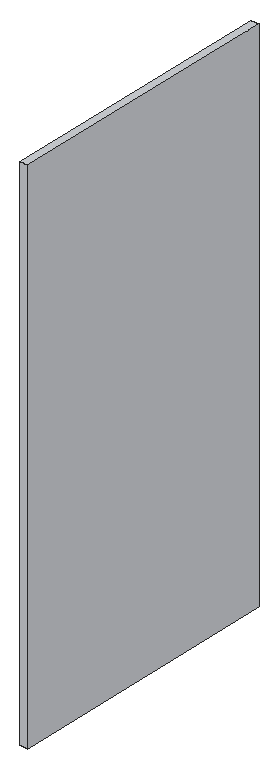
Revit family "End Panel", category Casework, Revit 2016
Family settings
  OmniClass Number = 23.40.35.00
  OmniClass Title = Casework
  Work Plane-Based = No
  Always vertical = Yes
  Cut with Voids When Loaded = No
  Shared = No
  Room Calculation Point = No
Parameters (values of type "LW116EPR")
  WarrantyGuarantorParts = "www.bisley.com"  # constant formula
  WarrantyGuarantorLabour = "www.bisley.com"  # constant formula
  WarrantyDurationUnit = "Years"  # constant formula
  WarrantyDurationParts = "5"  # constant formula
  WarrantyDurationLabour = "5"  # constant formula
  WarrantyDescription = "5 Years Parts & Labour"  # constant formula
  Uniclass2015Version = "3.1"  # constant formula
  Uniclass2015Title = "Lockers"  # constant formula
  Uniclass2015Code = "Pr_40_30_78_48"  # constant formula
  URL = "www.bisley.com"
  SustainabilityPerformance = "FSC Approved"  # constant formula
  SerialNumber = ""
  NominalWidth = Width  # 18 mm
  NominalLength = Depth  # 650 mm
  NominalHeight = Height  # 1180 mm
  Name = "End Panel"  # constant formula
  NBSReference = "45-35-80/380"  # constant formula
  NBSDescription = "General fittings, furnishings and equipment system"  # constant formula
  ModelReference = "LW116EPR"
  Model = "Abode"  # constant formula
  Material = "MFC"  # constant formula
  ManufacturerURL = "www.bisley.com"  # constant formula
  Manufacturer = "Bisley"  # constant formula
  ManufactureName = "Bisley"  # constant formula
  Finish = "Matt"  # constant formula
  DurationUnit = "Years"  # constant formula
  Depth = 650 mm
  Height = 1180 mm
  Width = 18 mm
  Carcass Material = "MFC"  # constant formula
  Author = "Bisley"  # constant formula
  AssetType = "Fixed"  # constant formula
Types (17, lengths in mm): name | NominalLength | NominalHeight | ModelReference | Depth | Height
  (no name) | 650 | 1180 | "LW116EPR" | 650 | 1180
  LW235EPL | 550 | 2300 | "LW235EPL" | 550 | 2300
  LW195EPL | 550 | 1900 | "LW195EPL" | 550 | 1900
  LW155EPL | 550 | 1540 | "LW155EPL" | 550 | 1540
  LW115EPL | 550 | 1180 | "LW115EPL" | 550 | 1180
  LW115EPR | 550 | 1180 | "LW115EPR" | 550 | 1180
  LW155EPR | 550 | 1540 | "LW155EPR" | 550 | 1540
  LW195EPR | 550 | 1900 | "LW195EPR" | 550 | 1900
  LW235EPR | 550 | 2300 | "LW235EPR" | 550 | 2300
  LW236EPL | 650 | 2300 | "LW236EPL" | 650 | 2300
  LW236EPR | 650 | 2300 | "LW236EPR" | 650 | 2300
  LW196EPL | 650 | 1900 | "LW196EPL" | 650 | 1900
  LW196EPR | 650 | 1900 | "LW196EPR" | 650 | 1900
  LW156EPL | 650 | 1540 | "LW156EPL" | 650 | 1540
  LW156EPR | 650 | 1540 | "LW156EPR" | 650 | 1540
  LW116EPL | 650 | 1180 | "LW116EPL" | 650 | 1180
  LW116EPR | 650 | 1180 | "LW116EPR" | 650 | 1180
Reference planes
  plane 1 "Back": y = 0
  plane 2: z = 0
  plane 3 "Center (Left/Right)": x = 44.7
  plane 4 "Front": y = -650
  plane 5 "Left": x = 35.7
  plane 6 "Right": x = 53.7
  plane 7 "Top": z = 1180
Forms (mm)
  Extrusion 1, solid, not visible
    sketch origin (-1691.73, 346.204, -12) x (1, 0, 0) y (0, 0, 1)
      loop
        line (48, 12) -> (56, 12) -> (56, 20) -> (48, 20) -> (48, 12)
    from 0 to 26
  Extrusion 2, solid, not visible
    sketch origin (-1683.73, 346.204, -12) x (-1, 0, 0) y (0, 0, -1)
      loop
        line (48, -12) -> (48, -20) -> (56, -20) -> (56, -12) -> (48, -12)
    from 0 to 26
  Extrusion 3, solid, not visible
    sketch origin (-1687.73, 350.204, -3.997) x (0, 1, 0) y (0, 0, 1)
      loop
        line (-26, 3.997) -> (-26, 11.997) -> (-34, 11.997) -> (-34, 3.997) -> (-26, 3.997)
    from -52 to 52
  Extrusion 4, solid
    sketch origin (0, 0, 0) x (1, 0, 0) y (0, 1, 0)
      loop
        line (35.7, -650) -> (53.7, -650) -> (53.7, 0) -> (35.7, 0) -> (35.7, -650)
    from 0 to 1180
Dimensions and locks
  "Width": plane 6 "Right" to plane 5 "Left"
  equal spacing: plane 6 "Right", plane 3 "Center (Left/Right)", plane 5 "Left"
  "Depth": plane 4 "Front" to plane 1 "Back"
  "Height": level to plane 7 "Top"
  aligned and locked: level to plane 2
  aligned and locked: plane 4 "Front" to Extrusion 4 sketch curve
  aligned and locked: Extrusion 4 sketch curve to plane 5 "Left"
  aligned and locked: Extrusion 4 sketch curve to plane 1 "Back"
  aligned and locked: plane 6 "Right" to Extrusion 4 sketch curve
  aligned and locked: Extrusion 4 to level
  aligned and locked: Extrusion 4 to plane 7 "Top"
Automatic sketch dimensions
  Extrusion 1 sketch curve to Extrusion 1 sketch curve = 8 mm  (x2)
  Extrusion 2 sketch curve to Extrusion 2 sketch curve = 8 mm  (x2)
  Extrusion 3 sketch curve to Extrusion 3 sketch curve = 8 mm  (x2)
